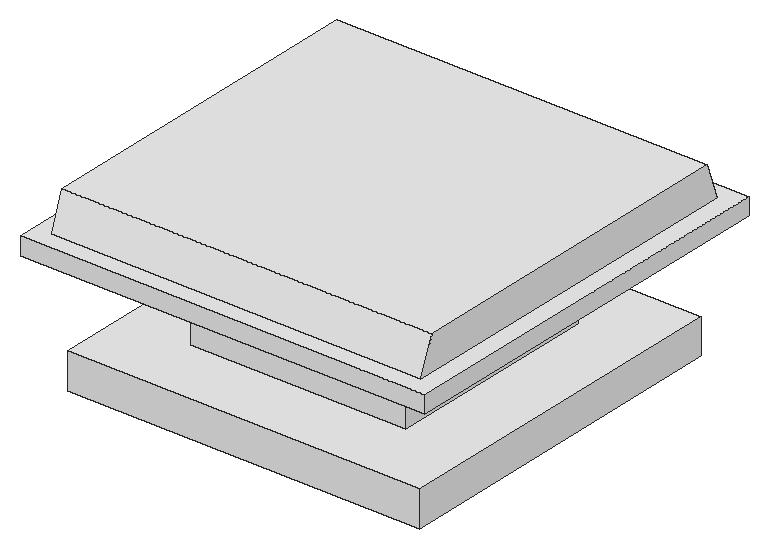
Revit family "Gravity_Exhaust_Roof_Ventilators-GEGB_Carnes", category Mechanical Equipment, host Face, Revit 2012
Parameters (values of type "See Type Catalog")
  ecoScorecard_data = ""
  ecoScorecard Product Page = ""
  Warranty URL = "http://www.carnes.com/GeneralCatalogs/termcond.pdf"
  Warranty = ""
  Housing = Aluminum-Carnes-Spun-Brushed
  URL = "http://www.carnes.com/index.html"
  Throat Size Width = 1' - 0"
  Throat Size Length = 1' - 0"
  Throat Area = "1.00"
  Subcategory = "Ventilation"  # constant formula
  Specifications URL = "http://www.carnes.com/ventilation/pdf/11066.pdf"
  Product Page URL = "http://www.carnes.com/ventilation/gravitymodels.htm"
  Parts List URL = ""
  Model = "GEGB"  # constant formula
  Material = "Aluminum or Steel"
  Manufacturer Phone = "608-845-6411"  # constant formula
  Manufacturer Fax = "608-845-6470"  # constant formula
  Manufacturer Email = "mailto:carnes@carnes.com"
  Manufacturer Address = "448 S. Main St., P. O. Box 930040, Verona, WI 53593-0040"  # constant formula
  Manufacturer = "Carnes Company"  # constant formula
  Intake Throat Velocity 900 = "900"
  Intake Throat Velocity 800 = "800"
  Intake Throat Velocity 700 = "700"
  Intake Throat Velocity 600 = "600"
  Intake Throat Velocity 500 = "500"
  Intake Throat Velocity 400 = "400"
  Intake Throat Velocity 1200 = "1200"
  Intake Throat Velocity 1000 = "1000"
  IOM Instructions URL = ""
  Hood Width = 1' - 9"
  Hood Length = 1' - 9"
  G = 0' - 10"
  Description = "Gravity Intake Roof Ventilator"  # constant formula
  Default Elevation = 0' - 0"
  Curb Cap Width = 1' - 8"
  Curb Cap Length = 1' - 8"
  Cost Info = "mailto:carnes@carnes.com"
  Catalog URL = "http://www.carnes.com/ventilation/pdf/C409-C421.pdf"
  Assembly Code = "D3040200"
  95 CSI = "15830"  # constant formula
  04 CSI = "23 34 23"  # constant formula
Reference planes (in)
  plane 1 "Center (Front/Back)": y = 0
  plane 2: z = 0
  plane 3 "Center (Left/Right)": x = 0
  plane 4 "Throat Left": x = -6
  plane 5 "Throat Right": x = 6
  plane 6 "Hood left": x = -10.5
  plane 7 "Hood Right": x = 10.5
  plane 8 "Curb Cap Left": x = -10
  plane 9 "Curb Cap right": x = 10
  plane 10 "G": z = 10
  plane 11 "Curb Cap Top": y = 10
  plane 12 "Curb Cap Bottom": y = -10
  plane 13 "Throat Size Top": y = 6
  plane 14 "Throat Size Bottom": y = -6
  plane 15 "Hood Top": y = 10.5
  plane 16 "Hood Front": y = -10.5
Forms (in)
  Extrusion 1, solid, material "Aluminum-Carnes-Spun-Brushed" <- "Housing", detail levels fine
    sketch origin (0, 0, 0) x (1, 0, 0) y (0, 1, 0)
      loop
        line (-10, -10) -> (10, -10) -> (10, 10) -> (-10, 10) -> (-10, -10)
      loop
        line (-6, 6) -> (-6, -6) -> (6, -6) -> (6, 6) -> (-6, 6)
    from 0 to 2
  Extrusion 2, solid, material "Aluminum-Carnes-Spun-Brushed" <- "Housing", detail levels fine
    sketch origin (0, 0, 0) x (1, 0, 0) y (0, 1, 0)
      loop
        line (-6, 6) -> (-6, -6) -> (6, -6) -> (6, 6) -> (-6, 6)
      loop
        line (6.125, 6.125) -> (-6.125, 6.125) -> (-6.125, -6.125) -> (6.125, -6.125) -> (6.125, 6.125)
    from 2 to 7
  Extrusion 3, solid, material "Aluminum-Carnes-Spun-Brushed" <- "Housing", detail levels fine
    sketch origin (0, 0, 0) x (1, 0, 0) y (0, 1, 0)
      loop
        line (-10.5, 10.5) -> (-10.5, -10.5) -> (10.5, -10.5) -> (10.5, 10.5) -> (-10.5, 10.5)
      loop
        line (11.5, 11.5) -> (-11.5, 11.5) -> (-11.5, -11.5) -> (11.5, -11.5) -> (11.5, 11.5)
    from 7 to 8
  Extrusion 4, solid, material "Aluminum-Carnes-Spun-Brushed" <- "Housing", detail levels fine
    sketch origin (0, 0, 0) x (0, 1, 0) y (0, 0, 1)
      loop
        line (10.5, 8) -> (9.77206, 10) -> (-9.77206, 10) -> (-10.5, 8) -> (10.5, 8)
    from -10.5 to 10.5
Lines and regions (in)
  model lines, detail levels coarse+medium
    curve 1: line (11.5, 11.5, 0) -> (-11.5, 11.5, 0)
    curve 2: line (11.5, -11.5, 0) -> (11.5, 11.5, 0)
    curve 3: line (-11.5, -11.5, 0) -> (11.5, -11.5, 0)
    curve 4: line (-11.5, 11.5, 0) -> (-11.5, -11.5, 0)
Dimensions and locks (in)
  "G": plane 10 "G" to plane 2
  equal spacing: plane 11 "Curb Cap Top", plane 1 "Center (Front/Back)", plane 12 "Curb Cap Bottom"
  "Curb Cap Width": plane 11 "Curb Cap Top" to plane 12 "Curb Cap Bottom"
  "Throat Size Width": plane 13 "Throat Size Top" to plane 14 "Throat Size Bottom"
  "Hood Width": plane 15 "Hood Top" to plane 16 "Hood Front"
  equal spacing: plane 13 "Throat Size Top", plane 1 "Center (Front/Back)", plane 14 "Throat Size Bottom"
  equal spacing: plane 15 "Hood Top", plane 1 "Center (Front/Back)", plane 16 "Hood Front"
  "Throat Size Length": plane 4 "Throat Left" to plane 5 "Throat Right"
  "Curb Cap Length": plane 8 "Curb Cap Left" to plane 9 "Curb Cap right"
  "Hood Length": plane 6 "Hood left" to plane 7 "Hood Right"
  locked: Extrusion 1 to Extrusion 2 sketch curve at 0.125  (x3)
  locked: Extrusion 2 sketch curve to Extrusion 1 at 0.125
  locked: Extrusion 3 sketch curve to Extrusion 3 sketch curve at 1  (x4)
  equal spacing: plane 6 "Hood left", plane 3 "Center (Left/Right)", plane 7 "Hood Right"
  equal spacing: plane 8 "Curb Cap Left", plane 3 "Center (Left/Right)", plane 9 "Curb Cap right"
  equal spacing: plane 4 "Throat Left", plane 3 "Center (Left/Right)", plane 5 "Throat Right"
  aligned and locked: plane 2 to host face
  aligned and locked: level to host face
  aligned and locked: Extrusion 1 sketch curve to plane 12 "Curb Cap Bottom"
  aligned and locked: plane 11 "Curb Cap Top" to Extrusion 1 sketch curve
  aligned and locked: plane 9 "Curb Cap right" to Extrusion 1 sketch curve
  aligned and locked: Extrusion 1 sketch curve to plane 8 "Curb Cap Left"
  aligned and locked: Extrusion 1 sketch curve to plane 5 "Throat Right"
  aligned and locked: Extrusion 1 sketch curve to plane 13 "Throat Size Top"
  aligned and locked: plane 14 "Throat Size Bottom" to Extrusion 1 sketch curve
  aligned and locked: Extrusion 1 sketch curve to plane 4 "Throat Left"
  aligned and locked: Extrusion 2 sketch curve to plane 5 "Throat Right"
  aligned and locked: Extrusion 2 sketch curve to plane 13 "Throat Size Top"
  aligned and locked: Extrusion 2 sketch curve to plane 4 "Throat Left"
  aligned and locked: plane 14 "Throat Size Bottom" to Extrusion 2 sketch curve
  aligned and locked: plane 7 "Hood Right" to Extrusion 3 sketch curve
  aligned and locked: plane 16 "Hood Front" to Extrusion 3 sketch curve
  aligned and locked: Extrusion 3 sketch curve to plane 6 "Hood left"
  aligned and locked: Extrusion 3 sketch curve to plane 15 "Hood Top"
  aligned and locked: Extrusion 4 sketch curve to plane 10 "G"
  aligned and locked: Extrusion 3 to Extrusion 4 sketch curve
  aligned and locked: Extrusion 4 to plane 7 "Hood Right"
  aligned and locked: plane 6 "Hood left" to Extrusion 4
  aligned and locked: Extrusion 4 to Extrusion 3  (x2)
Automatic sketch dimensions
  host sketch curve to host sketch curve = 8' - 0"  (x2)
  Extrusion 4 sketch curve to plane 16 "Hood Front" = 0' - 0"
  Extrusion 4 sketch curve to plane 15 "Hood Top" = 0' - 0"
  plane 16 "Hood Front" to Extrusion 4 sketch curve = 0' - 0.72794"
  Extrusion 4 sketch curve to plane 15 "Hood Top" = 0' - 0.72794"
  curve 2 to plane 7 "Hood Right" = 0' - 1"
  curve 2 to plane 16 "Hood Front" = 0' - 1"
  plane 15 "Hood Top" to curve 1 = 0' - 1"
  plane 6 "Hood left" to curve 3 = 0' - 1"
Types in the file's own list only (133): name | Throat Size Width | Throat Size Length | Throat Area | Intake Throat Velocity 900 | Intake Throat Velocity 800 | Intake Throat Velocity 700 | Intake Throat Velocity 600 | Intake Throat Velocity 500 | Intake Throat Velocity 400 | Intake Throat Velocity 1200 | Intake Throat Velocity 1000 | Hood Width | Hood Length | G | Curb Cap Width | Curb Cap Length
  12x12 | 1' - 0" | 1' - 0" | "1.00" | "900" | "800" | "700" | "600" | "500" | "400" | "1200" | "1000" | 1' - 5" | 1' - 5" | 0' - 9" | 1' - 8" | 1' - 8"
  12x18 | 1' - 0" | 1' - 6" | "1.50" | "1350" | "1200" | "1050" | "900" | "750" | "600" | "1800" | "1500" | 1' - 6" | 2' - 0" | 0' - 9" | 1' - 8" | 2' - 2"
  12x24 | 1' - 0" | 2' - 0" | "2.00" | "1800" | "1600" | "1400" | "1200" | "1000" | "800" | "2400" | "2000" | 1' - 7" | 2' - 7" | 0' - 9" | 1' - 8" | 2' - 8"
  12x30 | 1' - 0" | 2' - 6" | "2.50" | "2250" | "2000" | "1750" | "1500" | "1250" | "1000" | "3000" | "2500" | 1' - 7" | 3' - 1" | 0' - 9" | 1' - 8" | 3' - 2"
  12x36 | 1' - 0" | 3' - 0" | "3.00" | "2700" | "2400" | "2100" | "1800" | "1500" | "1200" | "3600" | "3000" | 1' - 8" | 3' - 8" | 0' - 9" | 1' - 8" | 3' - 8"
  12x42 | 1' - 0" | 3' - 6" | "3.50" | "3150" | "2800" | "2450" | "2100" | "1750" | "1400" | "4200" | "3500" | 1' - 8" | 4' - 2" | 0' - 9" | 1' - 8" | 4' - 2"
  12x48 | 1' - 0" | 4' - 0" | "4.00" | "3600" | "3200" | "2800" | "2400" | "2000" | "1600" | "4800" | "4000" | 1' - 8" | 4' - 8" | 0' - 9" | 1' - 8" | 4' - 8"
  14x14 | 1' - 2" | 1' - 2" | "1.36" | "1225" | "1089" | "953" | "817" | "681" | "544" | "1633" | "1361" | 1' - 8" | 1' - 8" | 0' - 9" | 1' - 10" | 1' - 10"
  14x18 | 1' - 2" | 1' - 6" | "1.75" | "1575" | "1400" | "1225" | "1050" | "875" | "700" | "2100" | "1750" | 1' - 9" | 2' - 1" | 0' - 9" | 1' - 10" | 2' - 2"
  14x24 | 1' - 2" | 2' - 0" | "2.33" | "2100" | "1867" | "1633" | "1400" | "1167" | "933" | "2800" | "2333" | 1' - 9" | 2' - 7" | 0' - 9" | 1' - 10" | 2' - 8"
  14x30 | 1' - 2" | 2' - 6" | "2.92" | "2625" | "2333" | "2042" | "1750" | "1458" | "1167" | "3500" | "2917" | 1' - 11" | 3' - 3" | 0' - 9" | 1' - 10" | 3' - 2"
  14x36 | 1' - 2" | 3' - 0" | "3.50" | "3150" | "2800" | "2450" | "2100" | "1750" | "1400" | "4200" | "3500" | 1' - 11" | 3' - 9" | 0' - 9" | 1' - 10" | 3' - 8"
  14x42 | 1' - 2" | 3' - 6" | "4.08" | "2675" | "3267" | "2858" | "2450" | "2042" | "1633" | "4900" | "4083" | 1' - 11" | 4' - 3" | 0' - 9" | 1' - 10" | 4' - 2"
  14x48 | 1' - 2" | 4' - 0" | "4.67" | "4200" | "3733" | "3267" | "2800" | "2333" | "1867" | "5600" | "4667" | 1' - 11" | 4' - 9" | 0' - 9" | 1' - 10" | 4' - 8"
  16x16 | 1' - 4" | 1' - 4" | "1.78" | "1600" | "1422" | "1244" | "1067" | "889" | "711" | "2133" | "1778" | 1' - 11" | 1' - 11" | 0' - 10" | 2' - 0" | 2' - 0"
  16x18 | 1' - 4" | 1' - 6" | "2.00" | "1800" | "1600" | "1400" | "1200" | "1000" | "800" | "2400" | "2000" | 1' - 11" | 2' - 1" | 0' - 10" | 2' - 0" | 2' - 2"
  16x24 | 1' - 4" | 2' - 0" | "2.67" | "2400" | "2133" | "1867" | "1600" | "1333" | "1067" | "3200" | "2667" | 2' - 0" | 2' - 8" | 0' - 10" | 2' - 0" | 2' - 8"
  16x30 | 1' - 4" | 2' - 6" | "3.33" | "3000" | "2667" | "2333" | "2000" | "1667" | "1333" | "4000" | "3333" | 2' - 1" | 3' - 3" | 0' - 10" | 2' - 0" | 3' - 2"
  16x36 | 1' - 4" | 3' - 0" | "4.00" | "3600" | "3200" | "2800" | "2400" | "2000" | "1600" | "4800" | "4000" | 2' - 1" | 3' - 9" | 0' - 10" | 2' - 0" | 3' - 8"
  16x42 | 1' - 4" | 3' - 6" | "4.67" | "4200" | "3733" | "3267" | "2800" | "2333" | "1867" | "5600" | "4667" | 2' - 2" | 4' - 4" | 0' - 10" | 2' - 0" | 4' - 2"
  16x48 | 1' - 4" | 4' - 0" | "5.33" | "4800" | "4267" | "3733" | "3200" | "2667" | "2133" | "6400" | "5333" | 2' - 2" | 4' - 10" | 0' - 10" | 2' - 0" | 4' - 8"
  16x54 | 1' - 4" | 4' - 6" | "6.00" | "5400" | "4800" | "4200" | "3600" | "3000" | "2400" | "7200" | "6000" | 2' - 3" | 5' - 5" | 0' - 10" | 2' - 0" | 5' - 2"
  18x18 | 1' - 6" | 1' - 6" | "2.25" | "2025" | "1800" | "1575" | "1350" | "1125" | "900" | "2700" | "2250" | 2' - 2" | 2' - 2" | 0' - 11" | 2' - 2" | 2' - 2"
  18x20 | 1' - 6" | 1' - 8" | "2.50" | "2250" | "2000" | "1750" | "1500" | "1250" | "1000" | "3000" | "2500" | 2' - 2" | 2' - 4" | 0' - 11" | 2' - 2" | 2' - 4"
  18x24 | 1' - 6" | 2' - 0" | "3.00" | "2700" | "2400" | "2100" | "1800" | "1500" | "1200" | "3600" | "3000" | 2' - 3" | 2' - 9" | 0' - 11" | 2' - 2" | 2' - 8"
  18x30 | 1' - 6" | 2' - 6" | "3.75" | "3375" | "3000" | "2625" | "2250" | "1875" | "1500" | "4500" | "3750" | 2' - 3" | 3' - 3" | 0' - 11" | 2' - 2" | 3' - 2"
  18x36 | 1' - 6" | 3' - 0" | "4.50" | "4050" | "3600" | "3150" | "2700" | "2250" | "1800" | "5400" | "4500" | 2' - 5" | 3' - 11" | 0' - 11" | 2' - 2" | 3' - 8"
  18x42 | 1' - 6" | 3' - 6" | "5.25" | "4725" | "4200" | "3675" | "3150" | "2625" | "2100" | "6300" | "5250" | 2' - 5" | 4' - 5" | 0' - 11" | 2' - 2" | 4' - 2"
  18x48 | 1' - 6" | 4' - 0" | "6.00" | "5400" | "4800" | "4200" | "3600" | "3000" | "2400" | "7200" | "6000" | 2' - 5" | 4' - 11" | 0' - 11" | 2' - 2" | 4' - 8"
  18x54 | 1' - 6" | 4' - 6" | "6.75" | "6075" | "5400" | "4725" | "4050" | "3375" | "2700" | "8100" | "6750" | 2' - 6" | 5' - 6" | 0' - 11" | 2' - 2" | 5' - 2"
  18x60 | 1' - 6" | 5' - 0" | "7.50" | "6750" | "6000" | "5250" | "4500" | "3750" | "3000" | "9000" | "7500" | 2' - 6" | 6' - 0" | 0' - 11" | 2' - 2" | 5' - 8"
  20x20 | 1' - 8" | 1' - 8" | "2.78" | "2500" | "2222" | "1944" | "1667" | "1389" | "1111" | "3333" | "2778" | 2' - 5" | 2' - 5" | 1' - 0" | 2' - 4" | 2' - 4"
  20x22 | 1' - 8" | 1' - 10" | "3.06" | "2750" | "2444" | "2139" | "1833" | "1528" | "1222" | "3667" | "3056" | 2' - 5" | 2' - 7" | 1' - 0" | 2' - 4" | 2' - 6"
  20x24 | 1' - 8" | 2' - 0" | "3.33" | "3000" | "2667" | "2333" | "2000" | "1667" | "1333" | "4000" | "3333" | 2' - 5" | 2' - 9" | 1' - 0" | 2' - 4" | 2' - 8"
  20x30 | 1' - 8" | 2' - 6" | "4.17" | "3750" | "3333" | "2917" | "2500" | "2083" | "1667" | "5000" | "4167" | 2' - 7" | 3' - 5" | 1' - 0" | 2' - 4" | 3' - 2"
  20x36 | 1' - 8" | 3' - 0" | "5.00" | "4500" | "4000" | "3500" | "3000" | "2500" | "2000" | "6000" | "5000" | 2' - 7" | 3' - 11" | 1' - 0" | 2' - 4" | 3' - 8"
  20x42 | 1' - 8" | 3' - 6" | "5.83" | "5250" | "4667" | "4083" | "3500" | "2917" | "2333" | "7000" | "5833" | 2' - 7" | 4' - 5" | 1' - 0" | 2' - 4" | 4' - 2"
  20x48 | 1' - 8" | 4' - 0" | "6.67" | "6000" | "5333" | "4667" | "4000" | "3333" | "2667" | "8000" | "6667" | 2' - 8" | 5' - 0" | 1' - 0" | 2' - 4" | 4' - 8"
  20x54 | 1' - 8" | 4' - 6" | "7.50" | "6750" | "6000" | "5250" | "4500" | "3750" | "3000" | "9000" | "7500" | 2' - 8" | 5' - 6" | 1' - 0" | 2' - 4" | 5' - 2"
  20x60 | 1' - 8" | 5' - 0" | "8.33" | "7500" | "6667" | "5833" | "5000" | "4167" | "3333" | "10000" | "8333" | 2' - 9" | 6' - 1" | 1' - 0" | 2' - 4" | 5' - 8"
  20x66 | 1' - 8" | 5' - 6" | "9.17" | "8250" | "7333" | "6417" | "5500" | "4583" | "3667" | "11000" | "9167" | 2' - 9" | 6' - 7" | 1' - 0" | 2' - 4" | 6' - 2"
  20x72 | 1' - 8" | 6' - 0" | "10.00" | "9000" | "8000" | "7000" | "6000" | "5000" | "4000" | "12000" | "10000" | 2' - 10" | 7' - 2" | 1' - 0" | 2' - 4" | 6' - 8"
  20x84 | 1' - 8" | 7' - 0" | "11.67" | "10500" | "9333" | "8167" | "7000" | "5833" | "4667" | "14000" | "11667" | 2' - 10" | 8' - 2" | 1' - 0" | 2' - 4" | 7' - 8"
  22x22 | 1' - 10" | 1' - 10" | "3.36" | "3025" | "2689" | "2353" | "2017" | "1681" | "1344" | "4033" | "3361" | 2' - 8" | 2' - 8" | 1' - 0" | 2' - 6" | 2' - 6"
  22x24 | 1' - 10" | 2' - 0" | "3.67" | "3300" | "2933" | "2567" | "2200" | "1833" | "1467" | "4400" | "3667" | 2' - 8" | 2' - 10" | 1' - 0" | 2' - 6" | 2' - 8"
  22x30 | 1' - 10" | 2' - 6" | "4.58" | "4125" | "3667" | "3208" | "2750" | "2292" | "1833" | "5500" | "4583" | 2' - 9" | 3' - 5" | 1' - 0" | 2' - 6" | 3' - 2"
  22x36 | 1' - 10" | 3' - 0" | "5.50" | "4950" | "4400" | "3850" | "3300" | "2750" | "2200" | "6600" | "5500" | 2' - 9" | 3' - 11" | 1' - 0" | 2' - 6" | 3' - 8"
  22x42 | 1' - 10" | 3' - 6" | "6.43" | "5775" | "5133" | "4492" | "3850" | "3208" | "2567" | "7700" | "6417" | 2' - 11" | 4' - 7" | 1' - 0" | 2' - 6" | 4' - 2"
  22x48 | 1' - 10" | 4' - 0" | "7.33" | "6600" | "5867" | "5133" | "4400" | "3667" | "2933" | "8800" | "7333" | 2' - 11" | 5' - 1" | 1' - 0" | 2' - 6" | 4' - 8"
  22x54 | 1' - 10" | 4' - 6" | "8.25" | "7425" | "6600" | "5775" | "4950" | "4125" | "3300" | "9900" | "8250" | 2' - 11" | 5' - 7" | 1' - 0" | 2' - 6" | 5' - 2"
  22x60 | 1' - 10" | 5' - 0" | "9.17" | "8250" | "7333" | "6417" | "5500" | "4583" | "3667" | "11000" | "9167" | 3' - 0" | 6' - 2" | 1' - 0" | 2' - 6" | 5' - 8"
  22x66 | 1' - 10" | 5' - 6" | "10.08" | "9075" | "8067" | "7058" | "6050" | "5042" | "4033" | "12100" | "10083" | 3' - 0" | 6' - 8" | 1' - 0" | 2' - 6" | 6' - 2"
  22x72 | 1' - 10" | 6' - 0" | "11.00" | "9900" | "8800" | "7700" | "6600" | "5500" | "4400" | "13200" | "11000" | 3' - 1" | 7' - 3" | 1' - 0" | 2' - 6" | 6' - 8"
  22x84 | 1' - 10" | 7' - 0" | "12.83" | "11550" | "10267" | "8983" | "7700" | "6417" | "5133" | "15400" | "12833" | 3' - 1" | 8' - 3" | 1' - 0" | 2' - 6" | 7' - 8"
  24x24 | 2' - 0" | 2' - 0" | "4.00" | "3600" | "3200" | "2800" | "2400" | "2000" | "1600" | "4800" | "4000" | 2' - 11" | 2' - 11" | 1' - 1" | 2' - 8" | 2' - 8"
  24x30 | 2' - 0" | 2' - 6" | "5.00" | "4500" | "4000" | "3500" | "3000" | "2500" | "2000" | "6000" | "5000" | 2' - 11" | 3' - 5" | 1' - 1" | 2' - 8" | 3' - 2"
  24x36 | 2' - 0" | 3' - 0" | "6.00" | "5400" | "4800" | "4200" | "3600" | "3000" | "2400" | "7200" | "6000" | 3' - 1" | 3' - 4" | 1' - 1" | 2' - 8" | 3' - 8"
  24x42 | 2' - 0" | 3' - 6" | "7.00" | "6300" | "5600" | "4900" | "4200" | "3500" | "2800" | "8400" | "7000" | 3' - 1" | 4' - 7" | 1' - 1" | 2' - 8" | 4' - 2"
  24x48 | 2' - 0" | 4' - 0" | "8.00" | "7200" | "6400" | "5600" | "4800" | "4000" | "3200" | "9600" | "8000" | 3' - 1" | 5' - 1" | 1' - 1" | 2' - 8" | 4' - 8"
  24x54 | 2' - 0" | 4' - 6" | "9.00" | "8100" | "7200" | "6300" | "5400" | "4500" | "3600" | "10800" | "9000" | 3' - 3" | 5' - 9" | 1' - 1" | 2' - 8" | 5' - 2"
  24x60 | 2' - 0" | 5' - 0" | "10.00" | "9000" | "8000" | "7000" | "6000" | "5000" | "4000" | "12000" | "10000" | 3' - 3" | 6' - 3" | 1' - 1" | 2' - 8" | 5' - 8"
  24x66 | 2' - 0" | 5' - 6" | "11.00" | "9900" | "8800" | "7700" | "6600" | "5500" | "4400" | "13200" | "11000" | 3' - 3" | 6' - 9" | 1' - 1" | 2' - 8" | 6' - 2"
  24x72 | 2' - 0" | 6' - 0" | "12.00" | "10800" | "9600" | "8400" | "7200" | "6000" | "4800" | "14400" | "12000" | 3' - 3" | 7' - 3" | 1' - 1" | 2' - 8" | 6' - 8"
  24x84 | 2' - 0" | 7' - 0" | "14.00" | "12600" | "11200" | "9800" | "8400" | "7000" | "5600" | "16800" | "14000" | 3' - 4" | 8' - 4" | 1' - 1" | 2' - 8" | 7' - 8"
  24x96 | 2' - 0" | 8' - 0" | "16.00" | "14400" | "12800" | "11200" | "9600" | "8000" | "6400" | "19200" | "16000" | 3' - 5" | 9' - 5" | 1' - 1" | 2' - 8" | 8' - 8"
  30x30 | 2' - 6" | 2' - 6" | "6.25" | "5625" | "5000" | "4375" | "3750" | "3125" | "2500" | "7500" | "6250" | 3' - 6" | 3' - 6" | 1' - 3" | 3' - 2" | 3' - 2"
  30x36 | 2' - 6" | 3' - 0" | "7.50" | "6750" | "6000" | "5250" | "4500" | "3750" | "3000" | "9000" | "7500" | 3' - 9" | 4' - 3" | 1' - 3" | 3' - 2" | 3' - 8"
  30x42 | 2' - 6" | 3' - 6" | "8.75" | "7875" | "7000" | "6125" | "5250" | "4375" | "3500" | "10500" | "8750" | 3' - 9" | 4' - 9" | 1' - 3" | 3' - 2" | 4' - 2"
  30x48 | 2' - 6" | 4' - 0" | "10.00" | "9000" | "8000" | "7000" | "6000" | "5000" | "4000" | "12000" | "10000" | 3' - 9" | 5' - 3" | 1' - 3" | 3' - 2" | 4' - 8"
  30x54 | 2' - 6" | 4' - 6" | "11.25" | "10125" | "9000" | "7875" | "6750" | "5625" | "4500" | "13500" | "11250" | 3' - 11" | 5' - 11" | 1' - 3" | 3' - 2" | 5' - 2"
  30x60 | 2' - 6" | 5' - 0" | "12.50" | "11250" | "10000" | "8750" | "7500" | "6250" | "5000" | "15000" | "12500" | 3' - 11" | 6' - 5" | 1' - 3" | 3' - 2" | 5' - 8"
  30x66 | 2' - 6" | 5' - 6" | "13.75" | "12375" | "11000" | "9625" | "8250" | "6875" | "5500" | "16500" | "13750" | 3' - 11" | 6' - 11" | 1' - 3" | 3' - 2" | 6' - 2"
  30x72 | 2' - 6" | 6' - 0" | "15.00" | "13500" | "12000" | "10500" | "9000" | "7500" | "6000" | "18000" | "15000" | 4' - 1" | 7' - 7" | 1' - 3" | 3' - 2" | 6' - 8"
  30x84 | 2' - 6" | 7' - 0" | "17.50" | "15750" | "14000" | "12250" | "10500" | "8750" | "7000" | "21000" | "17500" | 4' - 1" | 8' - 7" | 1' - 3" | 3' - 2" | 7' - 8"
  30x96 | 2' - 6" | 8' - 0" | "20.00" | "18000" | "16000" | "14000" | "12000" | "10000" | "8000" | "24000" | "20000" | 4' - 2" | 9' - 8" | 1' - 3" | 3' - 2" | 8' - 8"
  30x108 | 2' - 6" | 9' - 0" | "22.50" | "20250" | "18000" | "15750" | "13500" | "11250" | "9000" | "27000" | "22500" | 4' - 2" | 10' - 8" | 1' - 3" | 3' - 2" | 9' - 8"
  30x120 | 2' - 6" | 10' - 0" | "25.00" | "22500" | "20000" | "17500" | "15000" | "12500" | "10000" | "30000" | "25000" | 4' - 3" | 11' - 9" | 1' - 3" | 3' - 2" | 10' - 8"
  36x36 | 3' - 0" | 3' - 0" | "9.00" | "8100" | "7200" | "6300" | "5400" | "4500" | "3600" | "10800" | "9000" | 4' - 4" | 4' - 4" | 1' - 5" | 3' - 8" | 3' - 8"
  36x42 | 3' - 0" | 3' - 6" | "10.50" | "9450" | "8400" | "7350" | "6300" | "5250" | "4200" | "12600" | "10500" | 4' - 4" | 4' - 10" | 1' - 5" | 3' - 8" | 4' - 2"
  36x48 | 3' - 0" | 4' - 0" | "12.00" | "10800" | "9600" | "8400" | "7200" | "6000" | "4800" | "14400" | "12000" | 4' - 6" | 5' - 6" | 1' - 5" | 3' - 8" | 4' - 8"
  36x54 | 3' - 0" | 4' - 6" | "13.50" | "12150" | "10800" | "9450" | "8100" | "6750" | "5400" | "16200" | "13500" | 4' - 6" | 6' - 0" | 1' - 5" | 3' - 8" | 5' - 2"
  36x60 | 3' - 0" | 5' - 0" | "15.00" | "13500" | "12000" | "10500" | "9000" | "7500" | "6000" | "18000" | "15000" | 4' - 8" | 6' - 8" | 1' - 5" | 3' - 8" | 5' - 8"
  36x66 | 3' - 0" | 5' - 6" | "16.50" | "14850" | "13200" | "11550" | "9900" | "8250" | "6600" | "19800" | "16500" | 4' - 8" | 8' - 0" | 1' - 5" | 3' - 8" | 6' - 2"
  36x72 | 3' - 0" | 6' - 0" | "18.00" | "16200" | "14400" | "12600" | "10800" | "9000" | "7200" | "21600" | "18000" | 4' - 8" | 8' - 1" | 1' - 5" | 3' - 8" | 6' - 8"
  36x84 | 3' - 0" | 7' - 0" | "21.00" | "18900" | "16800" | "14700" | "12600" | "10500" | "8400" | "25200" | "21000" | 4' - 9" | 8' - 9" | 1' - 5" | 3' - 8" | 7' - 8"
  36x96 | 3' - 0" | 8' - 0" | "24.00" | "21600" | "19200" | "16800" | "14400" | "12000" | "9600" | "28800" | "24000" | 4' - 10" | 9' - 10" | 1' - 5" | 3' - 8" | 8' - 8"
  36x108 | 3' - 0" | 9' - 0" | "27.00" | "24300" | "21600" | "18900" | "16200" | "13500" | "10800" | "32400" | "27000" | 4' - 11" | 10' - 11" | 1' - 5" | 3' - 8" | 9' - 8"
  36x120 | 3' - 0" | 10' - 0" | "30.00" | "27000" | "24000" | "21000" | "18000" | "15000" | "12000" | "36000" | "30000" | 5' - 0" | 12' - 0" | 1' - 5" | 3' - 8" | 10' - 8"
  42x42 | 3' - 6" | 3' - 6" | "12.25" | "11025" | "9800" | "8575" | "7350" | "6125" | "4900" | "14700" | "12250" | 4' - 10" | 4' - 10" | 1' - 7" | 4' - 2" | 4' - 2"
  42x48 | 3' - 6" | 4' - 0" | "14.00" | "12600" | "11200" | "9800" | "8400" | "7000" | "5600" | "16800" | "14000" | 5' - 1" | 5' - 7" | 1' - 7" | 4' - 2" | 4' - 8"
  42x54 | 3' - 6" | 4' - 6" | "15.75" | "14175" | "12600" | "11025" | "9450" | "7875" | "6300" | "18900" | "15750" | 5' - 1" | 6' - 1" | 1' - 7" | 4' - 2" | 5' - 2"
  42x60 | 3' - 6" | 5' - 0" | "17.50" | "15750" | "14000" | "12250" | "10500" | "8750" | "7000" | "21000" | "17500" | 5' - 3" | 7' - 3" | 1' - 7" | 4' - 2" | 5' - 8"
  42x66 | 3' - 6" | 5' - 6" | "19.25" | "17325" | "15400" | "13475" | "11550" | "9625" | "7700" | "23100" | "19250" | 5' - 3" | 7' - 3" | 1' - 7" | 4' - 2" | 6' - 2"
  42x72 | 3' - 6" | 6' - 0" | "21.00" | "18900" | "16800" | "14700" | "12600" | "10500" | "8400" | "25200" | "21000" | 5' - 3" | 7' - 9" | 1' - 7" | 4' - 2" | 6' - 8"
  42x84 | 3' - 6" | 7' - 0" | "24.5" | "22050" | "19600" | "17150" | "14700" | "12250" | "9800" | "29400" | "24500" | 5' - 5" | 8' - 11" | 1' - 7" | 4' - 2" | 7' - 8"
  42x96 | 3' - 6" | 8' - 0" | "28.00" | "25200" | "22400" | "19600" | "16800" | "14000" | "11200" | "33600" | "28000" | 5' - 6" | 10' - 0" | 1' - 7" | 4' - 2" | 8' - 8"
  42x108 | 3' - 6" | 9' - 0" | "31.50" | "28350" | "25200" | "22050" | "18900" | "15750" | "12600" | "37800" | "31500" | 5' - 7" | 11' - 1" | 1' - 7" | 4' - 2" | 9' - 8"
  42x120 | 3' - 6" | 10' - 0" | "35.00" | "31500" | "28000" | "24500" | "21000" | "17500" | "14000" | "42000" | "35000" | 5' - 8" | 12' - 4" | 1' - 7" | 4' - 2" | 10' - 8"
  48x48 | 4' - 0" | 4' - 0" | "16.00" | "14400" | "12800" | "11200" | "9600" | "8000" | "6400" | "19200" | "16000" | 5' - 9" | 5' - 9" | 1' - 9" | 4' - 8" | 4' - 8"
  48x54 | 4' - 0" | 4' - 6" | "18.00" | "16200" | "14400" | "12600" | "10800" | "9000" | "7200" | "21600" | "18000" | 5' - 9" | 6' - 3" | 1' - 9" | 4' - 8" | 5' - 2"
  48x60 | 4' - 0" | 5' - 0" | "20.00" | "18000" | "16000" | "14000" | "12000" | "10000" | "8000" | "24000" | "20000" | 5' - 11" | 6' - 11" | 1' - 9" | 4' - 8" | 5' - 8"
  48x66 | 4' - 0" | 5' - 6" | "22.00" | "19800" | "17600" | "15400" | "13200" | "11000" | "8800" | "26400" | "22000" | 5' - 11" | 7' - 5" | 1' - 9" | 4' - 8" | 6' - 2"
  48x72 | 4' - 0" | 6' - 0" | "24.00" | "21600" | "19200" | "16800" | "14400" | "12000" | "9600" | "28800" | "24000" | 5' - 11" | 7' - 11" | 1' - 9" | 4' - 8" | 6' - 8"
  48x84 | 4' - 0" | 7' - 0" | "18.00" | "25200" | "22400" | "19600" | "16800" | "14000" | "11200" | "33600" | "28000" | 6' - 1" | 9' - 1" | 1' - 9" | 4' - 8" | 7' - 8"
  48x96 | 4' - 0" | 8' - 0" | "32.00" | "28800" | "25600" | "21400" | "19200" | "16000" | "12800" | "38400" | "32000" | 6' - 3" | 10' - 3" | 1' - 9" | 4' - 8" | 8' - 8"
  48x108 | 4' - 0" | 9' - 0" | "36.00" | "32400" | "28800" | "25200" | "21600" | "18000" | "14400" | "43200" | "36000" | 6' - 4" | 11' - 4" | 1' - 9" | 4' - 8" | 9' - 8"
  48x120 | 4' - 0" | 10' - 0" | "40.00" | "36000" | "32000" | "28000" | "24000" | "20000" | "16000" | "48000" | "40000" | 6' - 5" | 12' - 5" | 1' - 9" | 4' - 8" | 10' - 8"
  54x54 | 4' - 6" | 4' - 6" | "20.25" | "18225" | "16200" | "14175" | "12150" | "10125" | "8100" | "24300" | "20250" | 6' - 4" | 6' - 4" | 1' - 11" | 5' - 2" | 5' - 2"
  54x60 | 4' - 6" | 5' - 0" | "22.50" | "20250" | "18000" | "15750" | "13500" | "11250" | "9000" | "27000" | "22500" | 6' - 7" | 7' - 1" | 1' - 11" | 5' - 2" | 5' - 8"
  54x66 | 4' - 6" | 5' - 6" | "24.75" | "22275" | "19800" | "17325" | "14850" | "12375" | "9900" | "29700" | "24750" | 6' - 7" | 7' - 7" | 1' - 11" | 5' - 2" | 6' - 2"
  54x72 | 4' - 6" | 6' - 0" | "27.00" | "24300" | "21600" | "18900" | "16200" | "13500" | "10800" | "32400" | "27000" | 6' - 8" | 8' - 2" | 1' - 11" | 5' - 2" | 6' - 8"
  54x84 | 4' - 6" | 7' - 0" | "31.50" | "28350" | "25200" | "22050" | "18900" | "15750" | "12600" | "37800" | "31500" | 6' - 9" | 9' - 3" | 1' - 11" | 5' - 2" | 7' - 8"
  54x96 | 4' - 6" | 8' - 0" | "36.00" | "32400" | "28800" | "25200" | "21600" | "18000" | "14400" | "43200" | "36000" | 6' - 11" | 10' - 5" | 1' - 11" | 5' - 2" | 8' - 8"
  54x108 | 4' - 6" | 9' - 0" | "40.50" | "36450" | "32400" | "28350" | "24300" | "20250" | "16200" | "48600" | "40500" | 7' - 0" | 11' - 6" | 1' - 11" | 5' - 2" | 9' - 8"
  54x120 | 4' - 6" | 10' - 0" | "45.00" | "40500" | "36000" | "31500" | "27000" | "22500" | "18000" | "54000" | "45000" | 7' - 1" | 12' - 7" | 1' - 11" | 5' - 2" | 10' - 8"
  60x60 | 5' - 0" | 5' - 0" | "25.00" | "22500" | "20000" | "17500" | "15000" | "12500" | "10000" | "30000" | "25000" | 7' - 2" | 7' - 2" | 2' - 1" | 5' - 8" | 5' - 8"
  60x66 | 5' - 0" | 5' - 6" | "27.50" | "24750" | "22000" | "19250" | "16500" | "13750" | "11000" | "33000" | "27500" | 7' - 2" | 7' - 8" | 2' - 1" | 5' - 8" | 6' - 2"
  60x72 | 5' - 0" | 6' - 0" | "30.00" | "27000" | "24000" | "21000" | "18000" | "15000" | "12000" | "36000" | "30000" | 7' - 3" | 8' - 3" | 2' - 1" | 5' - 8" | 6' - 8"
  60x84 | 5' - 0" | 7' - 0" | "35.00" | "31500" | "28000" | "24500" | "21000" | "17500" | "14000" | "42000" | "35000" | 7' - 5" | 9' - 5" | 2' - 1" | 5' - 8" | 7' - 8"
  60x90 | 5' - 0" | 7' - 6" | "40.00" | "36000" | "32000" | "28000" | "24000" | "20000" | "16000" | "48000" | "40000" | 7' - 6" | 10' - 6" | 2' - 1" | 5' - 8" | 8' - 8"
  60x108 | 5' - 0" | 9' - 0" | "45.00" | "40500" | "36000" | "31500" | "27000" | "22500" | "18000" | "54000" | "45000" | 7' - 8" | 11' - 8" | 2' - 1" | 5' - 8" | 9' - 8"
  60x120 | 5' - 0" | 10' - 0" | "50.00" | "45000" | "40000" | "35000" | "30000" | "25000" | "20000" | "60000" | "50000" | 7' - 9" | 12' - 9" | 2' - 1" | 5' - 8" | 10' - 8"
  66x66 | 5' - 6" | 5' - 6" | "30.25" | "27225" | "24200" | "21175" | "18150" | "15125" | "12100" | "36300" | "30250" | 7' - 9" | 7' - 9" | 2' - 2" | 6' - 2" | 6' - 2"
  66x72 | 5' - 6" | 6' - 0" | "33.00" | "29700" | "26400" | "23100" | "19800" | "16500" | "13200" | "39600" | "33000" | 7' - 11" | 8' - 5" | 2' - 2" | 6' - 2" | 6' - 8"
  66x84 | 5' - 6" | 7' - 0" | "38.50" | "34650" | "30800" | "26950" | "23100" | "19250" | "15400" | "46200" | "38500" | 8' - 1" | 9' - 7" | 2' - 2" | 6' - 2" | 7' - 8"
  66x96 | 5' - 6" | 8' - 0" | "44.00" | "29600" | "35200" | "30800" | "26400" | "22000" | "17600" | "52800" | "44000" | 8' - 2" | 10' - 8" | 2' - 2" | 6' - 2" | 8' - 8"
  66x108 | 5' - 6" | 9' - 0" | "49.50" | "33550" | "39600" | "34650" | "29700" | "24750" | "19800" | "59400" | "49500" | 8' - 4" | 11' - 10" | 2' - 2" | 6' - 2" | 9' - 8"
  66x120 | 5' - 6" | 10' - 0" | "55.00" | "49500" | "44000" | "38500" | "33000" | "27500" | "22000" | "66000" | "55000" | 8' - 5" | 12' - 11" | 2' - 2" | 6' - 2" | 10' - 8"
  72x72 | 6' - 0" | 6' - 0" | "36.00" | "32400" | "28800" | "25200" | "21600" | "18000" | "14400" | "43200" | "36000" | 8' - 6" | 8' - 6" | 2' - 4" | 6' - 8" | 6' - 8"
  72x84 | 6' - 0" | 7' - 0" | "42.00" | "37800" | "33600" | "29400" | "25200" | "21000" | "16800" | "50400" | "42000" | 8' - 8" | 9' - 8" | 2' - 4" | 6' - 8" | 7' - 8"
  72x96 | 6' - 0" | 8' - 0" | "48.00" | "43200" | "38400" | "33600" | "28800" | "24000" | "19200" | "57600" | "48000" | 8' - 10" | 10' - 10" | 2' - 4" | 6' - 8" | 8' - 8"
  72x108 | 6' - 0" | 9' - 0" | "54.00" | "48600" | "43200" | "37800" | "32400" | "27000" | "21600" | "64800" | "54000" | 9' - 0" | 12' - 0" | 2' - 4" | 6' - 8" | 9' - 8"
  72x120 | 6' - 0" | 10' - 0" | "60.00" | "54000" | "48000" | "42000" | "36000" | "30000" | "24000" | "76200" | "60000" | 9' - 2" | 13' - 2" | 2' - 4" | 6' - 8" | 10' - 8"
